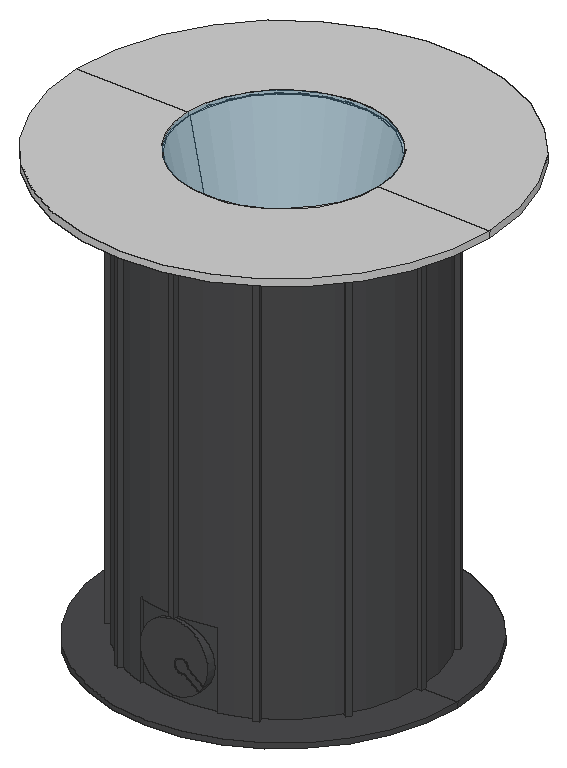
Revit family "LED COB INGROUND 18W_LKP0170WW.38", category Luminarias, Revit 2019
Family settings
  Cota de conector redondo = Diámetro de uso
  Tipo de pieza = Normal
  Se basa en plano de trabajo = Sí
  Siempre vertical = No
  Corte con vacíos al cargar = No
  Origen de luz = Sí
  Compartido = No
  Punto de cálculo de habitación = No
Parameters (values of type "EMP_LKP0170WW.38")
  Ángulo de inclinación = 105.00°
  Ángulo de enfoque = 38.00°
  Ángulo de campo de foco = 38.00°
  Zone [instance] = ""
  Watt per fixture = 18.5
  Wattage = 18.5 W
  built-in parameter 1150107 = 3000 (stored number, unit not read)
  built-in parameter 1150110 = 1 (stored number, unit not read)
  built-in parameter 1150109 = 1 (stored number, unit not read)
  built-in parameter 1150112 = 1 (stored number, unit not read)
  built-in parameter 1150113 = 1 (stored number, unit not read)
  built-in parameter 1114218 = 1 (stored number, unit not read)
  Keynote = ""
  built-in parameter 1150137 = (empty or 0)
  built-in parameter 1150132 = (empty or 0)
  Modelo = "LKP0170WW.38"
  Lámpara = "NICHIA"
  Longitud de símbolo de origen de luz = 500 mm
  built-in parameter 1150105 = 6176.1 (stored number, unit not read)
  built-in parameter 1150102 = (empty or 0)
  built-in parameter 1150106 = 61.761 (stored number, unit not read)
  Lumens = 1529.95 lm
  Color Filter = 16777215
  built-in parameter 1114217 = 1 (stored number, unit not read)
  built-in parameter 1150139 = (empty or 0)
  Fabricante = "BRILLANT"
  Default Elevation = 0 mm
  built-in parameter 1150104 = 7.6831 (stored number, unit not read)
  Descripción = "LUMINARIA TIPO CIRCULAR PARA EMPOTRAR EN PISO CON CUERPO DE ALUMINIO FUNDIDO A PRESION CUBIERTO CON POLVO GRIS OSCURO, CON CUBIERTA DE ACERO INOXIDABLE Y VIDRIO TEMPLADO DE 8MM, HOUSING TIPO ABS DE 179MM DE DIAMETRO Y 220MM DE PROFUNDO. CUENTA CON 18 LED COB TIPO NICHIA CON UNA POTENCIA TOTAL DE 18.5W, A UNA TEMPERATURA EN BLANCO CALIDO 3000K CON 1530 LUMENES, 160mA EN CORRIENTE DE OPERACIÓN, IP67, IK10, IRC 80, APERTURA EN 38 GRADOS POR PROYECTO, ALIMENTADA A 100-277V"
  built-in parameter 1150115 = 1 (stored number, unit not read)
  built-in parameter 1150114 = 1 (stored number, unit not read)
  Comentarios de vataje = "100-277V"
  built-in parameter 1150138 = (empty or 0)
  built-in parameter 1150134 = (empty or 0)
  Circuit [instance] = ""
  Dimming Lamp Color Temperature Shift = (empty or 0)
  built-in parameter 1150133 = 10 (stored number, unit not read)
Reference planes
  plane 1 "Centro (Frontal/Posterior)": y = 0
  plane 2: z = 0
  plane 3 "Centro (Izquierda/Derecha)": x = 0
  plane 4: z = -220
  plane 5: z = -128
  plane 6 "PEND": y = 20
  plane 7 "Centro I/E": y = -15
  plane 8: x = -77.5
  plane 9: x = 77.5
Forms (mm)
  Revolve 1, solid, material "Acero Inoxidable"
    sketch origin (0, 0, 0) x (1, 0, 0) y (0, 0, 1)
      loop
        line (-32.114, -71.543) -> (-47.731, 1.93) -> (-48.546, 1.93) -> (-48.546, 3.457) -> (-105, 3.457) -> (-105, 0) -> (-64.092, 0) -> (-64.092, -174.485) -> (0, -174.485) -> (0, -71.543) -> (-32.114, -71.543)
      axis (0, 3.457) -> (0, -174.485)
    angle from 0 to 360
  Extrusion 2, solid, material "Cristal"
    sketch origin (0, 0, 0) x (1, 0, 0) y (0, 1, 0)
      loop
        circle (0, 0) r 48.546
    from 1.93 to 3.457
  Extrusion 3, solid, material "Plastico"
    sketch origin (0, 0, 0) x (1, 0, 0) y (0, 1, 0)
      loop
        circle (0, 0) r 10
    from -179 to -176.935
  Extrusion 4, solid, material "Cobre"
    sketch origin (0, 0, 0) x (1, 0, 0) y (0, 1, 0)
      loop
        line (12.101, 0) -> (6.051, 10.48) -> (-6.051, 10.48) -> (-12.101, 0) -> (-6.051, -10.48) -> (6.051, -10.48) -> (12.101, 0)
    from -176.935 to -174.49
  Revolve 5, solid, material "Plastico"
    sketch origin (0, 0, 0) x (1, 0, 0) y (0, 0, 1)
      loop
        line (-89.5, -0.88) -> (-89.5, -4.48) -> (-69.055, -4.48) -> (-69.055, -217.5) -> (-88.5, -217.5) -> (-88.5, -220) -> (-30.747, -220) -> (0, -220) -> (0, -217.5) -> (-59.119, -217.5) -> (-59.119, -0.88) -> (-89.5, -0.88)
      axis (0, -0.88) -> (0, -220)
    angle from 0 to 360
  Extrusion 6, solid, material "Plastico"
    sketch origin (0, 0, 0) x (1, 0, 0) y (0, 1, 0)
      loop
        line (-69.04, 1.342) -> (-71.413, 1.342) -> (-71.413, -1.342) -> (-69.04, -1.342)
        arc (-69.04, -1.342) -> (-69.055, 0) -> (-69.04, 1.342) r 59.642
      loop
        line (-59.119, 35.682) -> (-61.196, 36.882) -> (-62.539, 34.557) -> (-60.461, 33.357)
        arc (-60.461, 33.357) -> (-59.803, 34.527) -> (-59.119, 35.682) r 59.642
      loop
        line (-33.357, 60.461) -> (-34.529, 62.491) -> (-36.854, 61.149) -> (-35.682, 59.119)
        arc (-35.682, 59.119) -> (-34.527, 59.803) -> (-33.357, 60.461) r 59.642
      loop
        line (1.342, 69.04) -> (1.342, 71.384) -> (-1.342, 71.384) -> (-1.342, 69.04)
        arc (-1.342, 69.04) -> (0, 69.055) -> (1.342, 69.04) r 59.642
      loop
        arc (69.04, 1.342) -> (69.055, 0) -> (69.04, -1.342) r 59.642
        line (69.04, -1.342) -> (71.413, -1.342) -> (71.413, 1.342) -> (69.04, 1.342)
      loop
        arc (59.119, 35.682) -> (59.803, 34.527) -> (60.461, 33.357) r 59.642
        line (60.461, 33.357) -> (62.539, 34.557) -> (61.196, 36.882) -> (59.119, 35.682)
      loop
        arc (33.357, 60.461) -> (34.527, 59.803) -> (35.682, 59.119) r 59.642
        line (35.682, 59.119) -> (36.854, 61.149) -> (34.529, 62.491) -> (33.357, 60.461)
      loop
        arc (-59.119, -35.682) -> (-59.803, -34.527) -> (-60.461, -33.357) r 59.642
        line (-60.461, -33.357) -> (-62.539, -34.557) -> (-61.196, -36.882) -> (-59.119, -35.682)
      loop
        arc (-33.357, -60.461) -> (-34.527, -59.803) -> (-35.682, -59.119) r 59.642
        line (-35.682, -59.119) -> (-36.854, -61.149) -> (-34.529, -62.491) -> (-33.357, -60.461)
      loop
        arc (1.342, -69.04) -> (0, -69.055) -> (-1.342, -69.04) r 59.642
        line (-1.342, -69.04) -> (-1.342, -71.384) -> (1.342, -71.384) -> (1.342, -69.04)
      loop
        line (59.119, -35.682) -> (61.196, -36.882) -> (62.539, -34.557) -> (60.461, -33.357)
        arc (60.461, -33.357) -> (59.803, -34.527) -> (59.119, -35.682) r 59.642
      loop
        line (33.357, -60.461) -> (34.529, -62.491) -> (36.854, -61.149) -> (35.682, -59.119)
        arc (35.682, -59.119) -> (34.527, -59.803) -> (33.357, -60.461) r 59.642
    from -217.5 to -4.48
  Extrusion 7, void
    sketch origin (3.125, 0, 0) x (1, 0, 0) y (0, 1, 0)
      loop
        circle (-3.125, -65.006) r 1.981
      loop
        circle (61.851, -0.03) r 1.981
      loop
        circle (-68.101, -0.03) r 1.981
      loop
        circle (-3.095, 64.976) r 1.981
    from -220 to -216.767
  Extrusion 8, void
    sketch origin (0, -11.405, 0) x (1, 0, 0) y (0, 1, 0)
      loop
        line (-1.342, -57.635) -> (-1.342, -59.979) -> (1.342, -59.979) -> (1.342, -57.635) -> (-1.342, -57.635)
    from -217.5 to -178.507
  Extrusion 9, void
    sketch origin (0, 0, 0) x (1, 0, 0) y (0, 1, 0)
      loop
        line (19.48, -67.947) -> (19.48, -64.931)
        arc (19.48, -64.931) -> (-0.004, -67.85) -> (-19.48, -64.872) r 65.829
        line (-19.48, -64.872) -> (-19.48, -67.609)
        arc (-19.48, -67.609) -> (-0.022, -70.266) -> (19.48, -67.947) r 77.5
    from -217.5 to -178.507
  Extrusion 10, solid, material "Plastico"
    sketch origin (0, 0, 0) x (1, 0, 0) y (0, 0, 1)
      loop
        arc (15.228, -205.467) -> (-13.875, -187.312) -> (12.384, -209.381) r 17.194
        line (12.384, -209.381) -> (4.761, -203.843)
        arc (4.761, -203.843) -> (0.929, -198.068) -> (7.605, -199.928) r 3.698
        line (7.605, -199.928) -> (15.228, -205.467)
      loop
        line (4.897, -203.076) -> (12.864, -208.865) -> (14.886, -206.083) -> (6.918, -200.294)
        arc (6.918, -200.294) -> (1.496, -198.48) -> (4.897, -203.076) r 2.998
    from 64.93 to 69.585
  Extrusion 11, solid, material "Plastico"
    sketch origin (0, 0, 0) x (1, 0, 0) y (0, 1, 0)
      loop
        line (-5.899, 73.187) -> (-5.899, 68.802)
        arc (-5.899, 68.802) -> (0, 69.055) -> (5.899, 68.802) r 69.055
        line (5.899, 68.802) -> (5.899, 73.187)
        arc (5.899, 73.187) -> (0, 73.439) -> (-5.899, 73.187) r 69.055
      loop
        arc (-5.899, -73.187) -> (0, -73.439) -> (5.899, -73.187) r 69.055
        line (5.899, -73.187) -> (5.899, -68.802)
        arc (5.899, -68.802) -> (0, -69.055) -> (-5.899, -68.802) r 69.055
        line (-5.899, -68.802) -> (-5.899, -73.187)
      loop
        arc (73.187, -5.899) -> (73.439, 0) -> (73.187, 5.899) r 69.055
        line (73.187, 5.899) -> (68.802, 5.899)
        arc (68.802, 5.899) -> (69.055, 0) -> (68.802, -5.899) r 69.055
        line (68.802, -5.899) -> (73.187, -5.899)
      loop
        line (-73.187, -5.899) -> (-68.802, -5.899)
        arc (-68.802, -5.899) -> (-69.055, 0) -> (-68.802, 5.899) r 69.055
        line (-68.802, 5.899) -> (-73.187, 5.899)
        arc (-73.187, 5.899) -> (-73.439, 0) -> (-73.187, -5.899) r 69.055
    from -10.055 to -4.48
Cuts and joins
  Extrusion 7, Extrusion 9 cuts Revolve 5
  Extrusion 7, Extrusion 8, Extrusion 9 cuts Revolve 1
  Extrusion 8 cuts Extrusion 6
Dimensions and locks
  plane 2 to plane 4 = 220 mm
  level to plane 4 = 220 mm
  level to Extrusion 3 = 179 mm
  plane 3 "Centro (Izquierda/Derecha)" to Revolve 5 sketch curve = 88.5 mm
  Revolve 1 sketch curve to Revolve 1 sketch curve = 105 mm
  Revolve 5 sketch curve to Revolve 5 sketch curve = 89.5 mm
  aligned and locked: level to plane 2
Connectors
  electrical at (0, 0, -220)
    settings: on cut or joined group of Revolve 5, Extrusion 7, Extrusion 9, index 1, voltage 277 V, apparent load 0 VA, apparent load phase1 0 VA, apparent load phase2 0 VA, apparent load phase3 0 VA, power factor 1, load classification "Otro", number of poles 1, system type 31, power factor state 1, is connector primary yes, connector utility no, sub classification motor no, connector description ""
